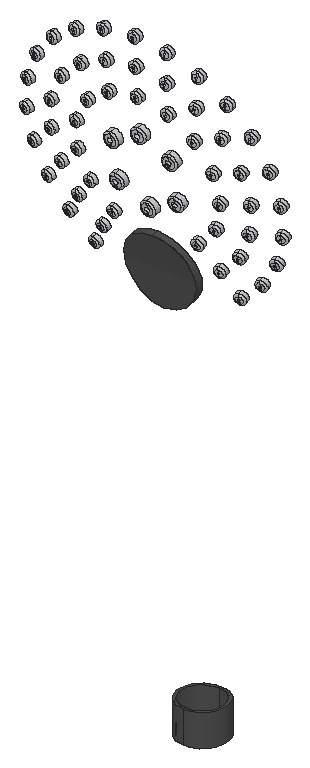
Revit family "Reece_Shower_Mizu_Drift_Shower Handpiece", category Plumbing Fixtures, host Face, Revit 2018
Family settings
  Host = Face
  Round Connector Dimension = Use Diameter
  Part Type = Normal
  Cut with Voids When Loaded = No
  Shared = Yes
  Room Calculation Point = Yes
Parameters (values of type "Matte Black")
  WFU = 0  # constant formula
  URL = "https://www.reece.com.au/product/-9505917"
  Type Comments = "Shower"
  Reece_Shower_Inlet = 15 mm  # constant formula
  Reece_Product_Web Page = "https://www.reece.com.au/product/-9505917"
  Reece_Product_Type = "Shower"  # constant formula
  Reece_Product_Sub Brand = "Drift"  # constant formula
  Reece_Product_Number = "9505917"
  Reece_Product_Mount = "N/A"
  Reece_Product_Description = "Mizu Drift Handpiece Only Matte Black (3 Star)"
  Reece_Product_Brand = "Mizu"  # constant formula
  Reece_Overall_Height = 255 mm  # constant formula
  Reece_Overall_Diameter = 120 mm  # constant formula
  Reece_Material_Secondary = Reece_Plastic_White
  Reece_Material_Main [instance] = Reece_Brass_Matte Black
  Reece_Material_Colour = Reece_Brass_Matte Black
  Reece_Detail_Shape = "Round"  # constant formula
  Reece_Detail_Disclaimer = "THIS FILE IS THE PROPERTY OF THE REECE GROUP. IT MAY NOT BE REPRODUCED, REVERSE-ENGINEERED, OR MODIFIED. ANY REPUBLICATION, TRANSMISSION, OR DISTRIBUTION FOR THE PURPOSE OF COMMERCIALLY EXPLOITING THE FILES IS PROHIBITED."  # constant formula
  Reece_Detail_Additional = "Shower Handpiece"  # constant formula
  Model = "Drift"
  Manufacturer = "Mizu"
  Keynote = "Product #9505917, Reece_Shower_Mizu_Drift_Shower Handpiece - Matte Black"
  HWFU = 0  # constant formula
  Disclaimer = "THIS FILE IS THE PROPERTY OF THE REECE GROUP. IT MAY NOT BE REPRODUCED, REVERSE-ENGINEERED, OR MODIFIED. ANY REPUBLICATION, TRANSMISSION, OR DISTRIBUTION FOR THE PURPOSE OF COMMERCIALLY EXPLOITING THE FILES IS PROHIBITED."  # constant formula
  Description = "Mizu Drift Handpiece Only Matte Black (3 Star)"
  Default Elevation = 0 mm
  CWFU = 0  # constant formula
Types (5, lengths in mm): name | URL | Reece_Product_Web Page | Reece_Product_Number | Reece_Product_Description | Reece_Material_Main | Reece_Material_Colour | Keynote | Description
  Brushed Nickel | "https://www.reece.com.au/product/-9509018" | "https://www.reece.com.au/product/-9509018" | "9509018" | "Mizu Drift Handpiece Only Brushed Nickel (3 Star)" | Reece_Brass_Brushed Nickel | Reece_Brass_Brushed Nickel | "Product #9509018, Reece_Shower_Mizu_Drift_Shower Handpiece - Brushed Nickel" | "Mizu Drift Handpiece Only Brushed Nickel (3 Star)"
  Chrome | "https://www.reece.com.au/product/-9512144" | "https://www.reece.com.au/product/-9512144" | "9512144" | "Mizu Drift Handpiece Only Chrome (3 Star)" | Reece_Brass_Chrome | Reece_Brass_Chrome | "Product #9512144, Reece_Shower_Mizu_Drift_Shower Handpiece - Chrome" | "Mizu Drift Handpiece Only Chrome (3 Star)"
  Matte Black | "https://www.reece.com.au/product/-9505917" | "https://www.reece.com.au/product/-9505917" | "9505917" | "Mizu Drift Handpiece Only Matte Black (3 Star)" | Reece_Brass_Matte Black | Reece_Brass_Matte Black | "Product #9505917, Reece_Shower_Mizu_Drift_Shower Handpiece - Matte Black" | "Mizu Drift Handpiece Only Matte Black (3 Star)"
  Brushed Gunmetal | "https://www.reece.com.au/product/-9512215" | "https://www.reece.com.au/product/-9512215" | "9512215" | "Mizu Drift Handpiece Only Brushed Gunmetal (3 Star)" | Reece_Brass_Brushed Gunmetal | Reece_Brass_Brushed Gunmetal | "Product #9512215, Reece_Shower_Mizu_Drift_Shower Handpiece - Brushed Gunmetal" | "Mizu Drift Handpiece Only Brushed Gunmetal (3 Star)"
  Brushed Brass | "https://www.reece.com.au/product/-4200238" | "https://www.reece.com.au/product/-4200238" | "4200238" | "Mizu Drift Handpiece Only Brushed Brass (3 Star)" | Reece_Brass_Brushed | Reece_Brass_Brushed | "Product #4200238, Reece_Shower_Mizu_Drift_Shower Handpiece - Brushed Brass" | "Mizu Drift Handpiece Only Brushed Brass (3 Star)"
Reference planes
  plane 1 "Center (Front/Back)": y = 0
  plane 2: z = 0
  plane 3 "Center (Left/Right)": x = 0
  plane 4: z = 255
  plane 5: x = -60
  plane 6: x = 60
Forms (mm)
  Revolve 1, solid, material "Reece_Brass_Matte Black" <- "Reece_Material_Main"
    sketch origin (0, 0, 0) x (0, 1, 0) y (0, 0, 1)
      loop
        line (-7.5, 11.616) -> (-8.5, 11.616) -> (-8.5, 0) -> (-7.5, 0) -> (-7.5, 11.616)
      axis (0, 0) -> (0, 11.616)
    angle from 0 to 360
Lines and regions (mm)
  symbolic lines, style "PlumbingFixtures"
    curve 1: line (0, -19.431, 255) -> (0, -30.176, 252.685)
    curve 2: arc (0, 14.966, 137.397) -> (0, 14.959, 152.795) -> (0, 14.541, 168.187) r 577.554
    curve 3: arc (0, 14.541, 168.187) -> (0, 11.325, 194.182) -> (0, 3.089, 219.046) r 133.347
    curve 4: arc (0, 3.089, 219.046) -> (0, -3.855, 232.791) -> (0, -12.127, 245.779) r 155.227
    curve 5: line (0, 14.966, 137.397) -> (0, 14.842, 11.613)
    curve 6: arc (0, -12.127, 245.779) -> (0, -15.656, 250.487) -> (0, -19.431, 255) r 110.528
Text (mm)
  text "Reece Copyright © 2018, Reece Ltd." at (-300.508, -247.823, 0), in view "Ref. Level"
  text "Reece ©" at (272.095, 31.797, 358.34), in view "Reece_Preview"
Dimensions and locks
  "Reece_Overall_Height": plane 4 to host face
  "Reece_Overall_Diameter": plane 5 to plane 6
  aligned and locked: plane 2 to host face
  aligned and locked: level to host face
Automatic sketch dimensions
  host sketch curve to host sketch curve = 407.898 mm
  host sketch curve to host sketch curve = 410.737 mm
  Revolve 1 sketch curve to level = 0 mm
  Revolve 1 sketch curve to plane 1 "Center (Front/Back)" = 0 mm
  plane 1 "Center (Front/Back)" to Revolve 1 sketch curve = 7.5 mm
  Revolve 1 sketch curve to Revolve 1 sketch curve = 1 mm
  Revolve 1 sketch curve to Revolve 1 sketch curve = 11.616 mm
  Revolve 1 sketch curve to level = 11.423 mm
  Revolve 1 sketch curve to Revolve 1 sketch curve = 36.961 mm
  curve 1 to plane 4 = 0 mm
  curve 2 to plane 4 = 110.186 mm
  plane 1 "Center (Front/Back)" to curve 2 = 562.54 mm
  curve 4 to plane 4 = 98.995 mm
  plane 1 "Center (Front/Back)" to curve 4 = 138.76 mm
  curve 4 to curve 3 = 19.995 mm
  curve 3 to curve 6 = 16.471 mm
  plane 1 "Center (Front/Back)" to curve 1 = 19.431 mm
  curve 5 to plane 1 "Center (Front/Back)" = 14.966 mm
  curve 5 to plane 4 = 117.603 mm
  curve 4 to curve 3 = 8.886 mm
  curve 3 to curve 6 = 16.965 mm
  curve 1 to plane 4 = 2.315 mm
  curve 1 to curve 1 = 10.745 mm
  curve 4 to curve 6 = 0 mm
  curve 3 to curve 4 = 0 mm
  curve 5 to plane 1 "Center (Front/Back)" = 14.842 mm
  level to curve 5 = 11.613 mm
Nested families
  nested 1: "Reece_Shower_Nib_Small_White_Nested" at (0.047, -29.828, 240.453) x (1, 0, 0) z (0, -0.9995, -0.0314), Reece_Material_Secondary <- "Reece_Material_Secondary", type "Reece_Shower_Nib_Small_White_Nested", detail levels fine
    with Reece_Material_Secondary Reece_Plastic_White
  nested 2: "Reece_Shower_Nib_Small_White_Nested" at (0.014, -29.356, 230.37) x (1, -0.0001, 0) z (-0.0001, -0.9981, -0.0622), Reece_Material_Secondary <- "Reece_Material_Secondary", type "Reece_Shower_Nib_Small_White_Nested", detail levels fine
    with Reece_Material_Secondary Reece_Plastic_White
  nested 3: "Reece_Shower_Nib_Small_White_Nested" at (-11.457, -29.522, 238.899) x (0.999, -0.0437, -0.0016) z (-0.0438, -0.9984, -0.0362), Reece_Material_Secondary <- "Reece_Material_Secondary", type "Reece_Shower_Nib_Small_White_Nested", detail levels fine
    with Reece_Material_Secondary Reece_Plastic_White
  nested 4: "Reece_Shower_Nib_Small_White_Nested" at (-10.961, -29.009, 228.585) x (0.9991, -0.0417, -0.0028) z (-0.0418, -0.9969, -0.0672), Reece_Material_Secondary <- "Reece_Material_Secondary", type "Reece_Shower_Nib_Small_White_Nested", detail levels fine
    with Reece_Material_Secondary Reece_Plastic_White
  nested 5: "Reece_Shower_Nib_Small_White_Nested" at (-22.227, -28.646, 234.601) x (0.9964, -0.0844, -0.0042) z (-0.0845, -0.9952, -0.0495), Reece_Material_Secondary <- "Reece_Material_Secondary", type "Reece_Shower_Nib_Small_White_Nested", detail levels fine
    with Reece_Material_Secondary Reece_Plastic_White
  nested 6: "Reece_Shower_Nib_Small_White_Nested" at (-20.896, -28.033, 223.651) x (0.9968, -0.0801, -0.0066) z (-0.0804, -0.9934, -0.082), Reece_Material_Secondary <- "Reece_Material_Secondary", type "Reece_Shower_Nib_Small_White_Nested", detail levels fine
    with Reece_Material_Secondary Reece_Plastic_White
  nested 7: "Reece_Shower_Nib_Small_White_Nested" at (-10.667, -28.148, 218.098) x (0.9992, -0.0397, -0.0039) z (-0.0398, -0.9943, -0.0986), Reece_Material_Secondary <- "Reece_Material_Secondary", type "Reece_Shower_Nib_Small_White_Nested", detail levels fine
    with Reece_Material_Secondary Reece_Plastic_White
  nested 8: "Reece_Shower_Nib_Small_White_Nested" at (-31.48, -27.295, 228.138) x (0.9925, -0.1222, -0.0087) z (-0.1226, -0.9899, -0.0708), Reece_Material_Secondary <- "Reece_Material_Secondary", type "Reece_Shower_Nib_Small_White_Nested", detail levels fine
    with Reece_Material_Secondary Reece_Plastic_White
  nested 9: "Reece_Shower_Nib_Small_White_Nested" at (-38.867, -25.492, 219.34) x (0.9878, -0.1547, -0.0157) z (-0.1555, -0.9828, -0.0997), Reece_Material_Secondary <- "Reece_Material_Secondary", type "Reece_Shower_Nib_Small_White_Nested", detail levels fine
    with Reece_Material_Secondary Reece_Plastic_White
  nested 10: "Reece_Shower_Nib_Small_White_Nested" at (-29.059, -26.493, 215.994) x (0.9932, -0.1154, -0.0126) z (-0.1161, -0.9874, -0.1075), Reece_Material_Secondary <- "Reece_Material_Secondary", type "Reece_Shower_Nib_Small_White_Nested", detail levels fine
    with Reece_Material_Secondary Reece_Plastic_White
  nested 11: "Reece_Shower_Nib_Small_White_Nested" at (-19.251, -26.973, 211.851) x (0.9971, -0.0752, -0.009) z (-0.0757, -0.9901, -0.1184), Reece_Material_Secondary <- "Reece_Material_Secondary", type "Reece_Shower_Nib_Small_White_Nested", detail levels fine
    with Reece_Material_Secondary Reece_Plastic_White
  nested 12: "Reece_Shower_Nib_Small_White_Nested" at (-0.009, -28.57, 220.269) x (1, -0.0002, 0) z (-0.0002, -0.9957, -0.093), Reece_Material_Secondary <- "Reece_Material_Secondary", type "Reece_Shower_Nib_Small_White_Nested", detail levels fine
    with Reece_Material_Secondary Reece_Plastic_White
  nested 13: "Reece_Shower_Nib_Small_White_Nested" at (-24.777, -25.207, 202.516) x (0.9949, -0.1001, -0.0153) z (-0.1012, -0.9834, -0.1507), Reece_Material_Secondary <- "Reece_Material_Secondary", type "Reece_Shower_Nib_Small_White_Nested", detail levels fine
    with Reece_Material_Secondary Reece_Plastic_White
  nested 14: "Reece_Shower_Nib_Small_White_Nested" at (-43.776, -23.407, 208.889) x (0.9838, -0.1778, -0.0245) z (-0.1795, -0.9746, -0.1341), Reece_Material_Secondary <- "Reece_Material_Secondary", type "Reece_Shower_Nib_Small_White_Nested", detail levels fine
    with Reece_Material_Secondary Reece_Plastic_White
  nested 15: "Reece_Shower_Nib_Small_White_Nested" at (-46.001, -21.185, 197.607) x (0.9811, -0.1906, -0.0346) z (-0.1937, -0.9652, -0.1755), Reece_Material_Secondary <- "Reece_Material_Secondary", type "Reece_Shower_Nib_Small_White_Nested", detail levels fine
    with Reece_Material_Secondary Reece_Plastic_White
  nested 16: "Reece_Shower_Nib_Small_White_Nested" at (-36.097, -22.465, 194.992) x (0.9885, -0.1486, -0.028) z (-0.1512, -0.9714, -0.183), Reece_Material_Secondary <- "Reece_Material_Secondary", type "Reece_Shower_Nib_Small_White_Nested", detail levels fine
    with Reece_Material_Secondary Reece_Plastic_White
  nested 17: "Reece_Shower_Nib_Small_White_Nested" at (-25.74, -23.306, 192.227) x (0.9942, -0.1055, -0.021) z (-0.1076, -0.9752, -0.1937), Reece_Material_Secondary <- "Reece_Material_Secondary", type "Reece_Shower_Nib_Small_White_Nested", detail levels fine
    with Reece_Material_Secondary Reece_Plastic_White
  nested 18: "Reece_Shower_Nib_Small_White_Nested" at (-22.673, -21.404, 182.122) x (0.9955, -0.0926, -0.022) z (-0.0951, -0.9686, -0.2298), Reece_Material_Secondary <- "Reece_Material_Secondary", type "Reece_Shower_Nib_Small_White_Nested", detail levels fine
    with Reece_Material_Secondary Reece_Plastic_White
  nested 19: "Reece_Shower_Nib_Small_White_Nested" at (-34.036, -20.45, 183.982) x (0.9898, -0.139, -0.0324) z (-0.1427, -0.9639, -0.2246), Reece_Material_Secondary <- "Reece_Material_Secondary", type "Reece_Shower_Nib_Small_White_Nested", detail levels fine
    with Reece_Material_Secondary Reece_Plastic_White
  nested 20: "Reece_Shower_Nib_Small_White_Nested" at (-44.97, -19.067, 186.243) x (0.9814, -0.1872, -0.0425) z (-0.192, -0.957, -0.2173), Reece_Material_Secondary <- "Reece_Material_Secondary", type "Reece_Shower_Nib_Small_White_Nested", detail levels fine
    with Reece_Material_Secondary Reece_Plastic_White
  nested 21: "Reece_Shower_Nib_Small_White_Nested" at (-41.378, -17.118, 175.502) x (0.9841, -0.1718, -0.0454) z (-0.1777, -0.9514, -0.2514), Reece_Material_Secondary <- "Reece_Material_Secondary", type "Reece_Shower_Nib_Small_White_Nested", detail levels fine
    with Reece_Material_Secondary Reece_Plastic_White
  nested 22: "Reece_Shower_Nib_Small_White_Nested" at (-29.136, -18.673, 174.096) x (0.9923, -0.1201, -0.0314) z (-0.1241, -0.96, -0.2508), Reece_Material_Secondary <- "Reece_Material_Secondary", type "Reece_Shower_Nib_Small_White_Nested", detail levels fine
    with Reece_Material_Secondary Reece_Plastic_White
  nested 23: "Reece_Shower_Nib_Small_White_Nested" at (-15.261, -20.125, 174.21) x (0.997, -0.0751, -0.0186) z (-0.0773, -0.9678, -0.2397), Reece_Material_Secondary <- "Reece_Material_Secondary", type "Reece_Shower_Nib_Small_White_Nested", detail levels fine
    with Reece_Material_Secondary Reece_Plastic_White
  nested 24: "Reece_Shower_Nib_Small_White_Nested" at (-34.784, -15.561, 165.766) x (0.9882, -0.1474, -0.0427) z (-0.1534, -0.9491, -0.275), Reece_Material_Secondary <- "Reece_Material_Secondary", type "Reece_Shower_Nib_Small_White_Nested", detail levels fine
    with Reece_Material_Secondary Reece_Plastic_White
  nested 25: "Reece_Shower_Nib_Small_White_Nested" at (-21.264, -17.515, 166.328) x (0.9947, -0.0991, -0.0271) z (-0.1028, -0.9595, -0.2623), Reece_Material_Secondary <- "Reece_Material_Secondary", type "Reece_Shower_Nib_Small_White_Nested", detail levels fine
    with Reece_Material_Secondary Reece_Plastic_White
  nested 26: "Reece_Shower_Nib_Small_White_Nested" at (-26.304, -14.522, 158.05) x (0.9918, -0.1223, -0.0371) z (-0.1278, -0.9491, -0.2878), Reece_Material_Secondary <- "Reece_Material_Secondary", type "Reece_Shower_Nib_Small_White_Nested", detail levels fine
    with Reece_Material_Secondary Reece_Plastic_White
  nested 27: "Reece_Shower_Nib_Big_White_Nested" at (0.001, -27.136, 207.583) x (1, -0.0001, 0) z (-0.0001, -0.9913, -0.1317), Reece_Material_Secondary <- "Reece_Material_Secondary", type "Reece_Shower_Nib_Big_White_Nested", detail levels fine
    with Reece_Material_Secondary Reece_Plastic_White
  nested 28: "Reece_Shower_Nib_Big_White_Nested" at (-10.533, -26.172, 202.161) x (0.9992, -0.0392, -0.0059) z (-0.0396, -0.988, -0.1491), Reece_Material_Secondary <- "Reece_Material_Secondary", type "Reece_Shower_Nib_Big_White_Nested", detail levels fine
    with Reece_Material_Secondary Reece_Plastic_White
  nested 29: "Reece_Shower_Nib_Big_White_Nested" at (-10.619, -23.536, 187.593) x (0.9989, -0.0468, -0.01) z (-0.0478, -0.9767, -0.2093), Reece_Material_Secondary <- "Reece_Material_Secondary", type "Reece_Shower_Nib_Big_White_Nested", detail levels fine
    with Reece_Material_Secondary Reece_Plastic_White
  nested 30: "Reece_Shower_Nib_Big_White_Nested" at (-0.022, -22.702, 182.004) x (1, -0.0008, -0.0002) z (-0.0008, -0.9778, -0.2097), Reece_Material_Secondary <- "Reece_Material_Secondary", type "Reece_Shower_Nib_Big_White_Nested", detail levels fine
    with Reece_Material_Secondary Reece_Plastic_White
  nested 31: "Reece_Shower_Nib_Small_White_Nested" at (-34.35, -24.717, 205.754) x (0.9949, -0.1001, -0.0153) z (-0.1012, -0.9834, -0.1507), Reece_Material_Secondary <- "Reece_Material_Secondary", type "Reece_Shower_Nib_Small_White_Nested", detail levels fine
    with Reece_Material_Secondary Reece_Plastic_White
  nested 32: "Reece_Shower_Nib_Small_White_Nested" at (11.457, -29.522, 238.899) x (-0.999, -0.0437, -0.0016) z (0.0438, -0.9984, -0.0362), Reece_Material_Secondary <- "Reece_Material_Secondary", type "Reece_Shower_Nib_Small_White_Nested", detail levels fine
    with Reece_Material_Secondary Reece_Plastic_White
  nested 33: "Reece_Shower_Nib_Small_White_Nested" at (10.961, -29.009, 228.585) x (-0.9991, -0.0417, -0.0028) z (0.0418, -0.9969, -0.0672), Reece_Material_Secondary <- "Reece_Material_Secondary", type "Reece_Shower_Nib_Small_White_Nested", detail levels fine
    with Reece_Material_Secondary Reece_Plastic_White
  nested 34: "Reece_Shower_Nib_Small_White_Nested" at (22.227, -28.646, 234.601) x (-0.9964, -0.0844, -0.0042) z (0.0845, -0.9952, -0.0495), Reece_Material_Secondary <- "Reece_Material_Secondary", type "Reece_Shower_Nib_Small_White_Nested", detail levels fine
    with Reece_Material_Secondary Reece_Plastic_White
  nested 35: "Reece_Shower_Nib_Small_White_Nested" at (20.896, -28.033, 223.651) x (-0.9968, -0.0801, -0.0066) z (0.0804, -0.9934, -0.082), Reece_Material_Secondary <- "Reece_Material_Secondary", type "Reece_Shower_Nib_Small_White_Nested", detail levels fine
    with Reece_Material_Secondary Reece_Plastic_White
  nested 36: "Reece_Shower_Nib_Small_White_Nested" at (10.667, -28.148, 218.098) x (-0.9992, -0.0397, -0.0039) z (0.0398, -0.9943, -0.0986), Reece_Material_Secondary <- "Reece_Material_Secondary", type "Reece_Shower_Nib_Small_White_Nested", detail levels fine
    with Reece_Material_Secondary Reece_Plastic_White
  nested 37: "Reece_Shower_Nib_Small_White_Nested" at (31.48, -27.295, 228.138) x (-0.9925, -0.1222, -0.0087) z (0.1226, -0.9899, -0.0708), Reece_Material_Secondary <- "Reece_Material_Secondary", type "Reece_Shower_Nib_Small_White_Nested", detail levels fine
    with Reece_Material_Secondary Reece_Plastic_White
  nested 38: "Reece_Shower_Nib_Small_White_Nested" at (38.867, -25.492, 219.34) x (-0.9878, -0.1547, -0.0157) z (0.1555, -0.9828, -0.0997), Reece_Material_Secondary <- "Reece_Material_Secondary", type "Reece_Shower_Nib_Small_White_Nested", detail levels fine
    with Reece_Material_Secondary Reece_Plastic_White
  nested 39: "Reece_Shower_Nib_Small_White_Nested" at (19.251, -26.973, 211.851) x (-0.9971, -0.0752, -0.009) z (0.0757, -0.9901, -0.1184), Reece_Material_Secondary <- "Reece_Material_Secondary", type "Reece_Shower_Nib_Small_White_Nested", detail levels fine
    with Reece_Material_Secondary Reece_Plastic_White
  nested 40: "Reece_Shower_Nib_Small_White_Nested" at (29.059, -26.493, 215.994) x (-0.9932, -0.1154, -0.0126) z (0.1161, -0.9874, -0.1075), Reece_Material_Secondary <- "Reece_Material_Secondary", type "Reece_Shower_Nib_Small_White_Nested", detail levels fine
    with Reece_Material_Secondary Reece_Plastic_White
  nested 41: "Reece_Shower_Nib_Small_White_Nested" at (24.777, -25.207, 202.516) x (-0.9949, -0.1001, -0.0153) z (0.1012, -0.9834, -0.1507), Reece_Material_Secondary <- "Reece_Material_Secondary", type "Reece_Shower_Nib_Small_White_Nested", detail levels fine
    with Reece_Material_Secondary Reece_Plastic_White
  nested 42: "Reece_Shower_Nib_Small_White_Nested" at (43.776, -23.407, 208.889) x (-0.9838, -0.1778, -0.0245) z (0.1795, -0.9746, -0.1341), Reece_Material_Secondary <- "Reece_Material_Secondary", type "Reece_Shower_Nib_Small_White_Nested", detail levels fine
    with Reece_Material_Secondary Reece_Plastic_White
  nested 43: "Reece_Shower_Nib_Small_White_Nested" at (46.001, -21.185, 197.607) x (-0.9811, -0.1906, -0.0346) z (0.1937, -0.9652, -0.1755), Reece_Material_Secondary <- "Reece_Material_Secondary", type "Reece_Shower_Nib_Small_White_Nested", detail levels fine
    with Reece_Material_Secondary Reece_Plastic_White
  nested 44: "Reece_Shower_Nib_Small_White_Nested" at (36.097, -22.465, 194.992) x (-0.9885, -0.1486, -0.028) z (0.1512, -0.9714, -0.183), Reece_Material_Secondary <- "Reece_Material_Secondary", type "Reece_Shower_Nib_Small_White_Nested", detail levels fine
    with Reece_Material_Secondary Reece_Plastic_White
  nested 45: "Reece_Shower_Nib_Small_White_Nested" at (25.74, -23.306, 192.227) x (-0.9942, -0.1055, -0.021) z (0.1076, -0.9752, -0.1937), Reece_Material_Secondary <- "Reece_Material_Secondary", type "Reece_Shower_Nib_Small_White_Nested", detail levels fine
    with Reece_Material_Secondary Reece_Plastic_White
  nested 46: "Reece_Shower_Nib_Small_White_Nested" at (22.673, -21.404, 182.122) x (-0.9955, -0.0926, -0.022) z (0.0951, -0.9686, -0.2298), Reece_Material_Secondary <- "Reece_Material_Secondary", type "Reece_Shower_Nib_Small_White_Nested", detail levels fine
    with Reece_Material_Secondary Reece_Plastic_White
  nested 47: "Reece_Shower_Nib_Small_White_Nested" at (34.036, -20.45, 183.982) x (-0.9898, -0.139, -0.0324) z (0.1427, -0.9639, -0.2246), Reece_Material_Secondary <- "Reece_Material_Secondary", type "Reece_Shower_Nib_Small_White_Nested", detail levels fine
    with Reece_Material_Secondary Reece_Plastic_White
  nested 48: "Reece_Shower_Nib_Small_White_Nested" at (44.97, -19.067, 186.243) x (-0.9814, -0.1872, -0.0425) z (0.192, -0.957, -0.2173), Reece_Material_Secondary <- "Reece_Material_Secondary", type "Reece_Shower_Nib_Small_White_Nested", detail levels fine
    with Reece_Material_Secondary Reece_Plastic_White
  nested 49: "Reece_Shower_Nib_Small_White_Nested" at (41.378, -17.118, 175.502) x (-0.9841, -0.1718, -0.0454) z (0.1777, -0.9514, -0.2514), Reece_Material_Secondary <- "Reece_Material_Secondary", type "Reece_Shower_Nib_Small_White_Nested", detail levels fine
    with Reece_Material_Secondary Reece_Plastic_White
  nested 50: "Reece_Shower_Nib_Small_White_Nested" at (29.136, -18.673, 174.096) x (-0.9923, -0.1201, -0.0314) z (0.1241, -0.96, -0.2508), Reece_Material_Secondary <- "Reece_Material_Secondary", type "Reece_Shower_Nib_Small_White_Nested", detail levels fine
    with Reece_Material_Secondary Reece_Plastic_White
  nested 51: "Reece_Shower_Nib_Small_White_Nested" at (15.261, -20.125, 174.21) x (-0.997, -0.0751, -0.0186) z (0.0773, -0.9678, -0.2397), Reece_Material_Secondary <- "Reece_Material_Secondary", type "Reece_Shower_Nib_Small_White_Nested", detail levels fine
    with Reece_Material_Secondary Reece_Plastic_White
  nested 52: "Reece_Shower_Nib_Small_White_Nested" at (34.784, -15.561, 165.766) x (-0.9882, -0.1474, -0.0427) z (0.1534, -0.9491, -0.275), Reece_Material_Secondary <- "Reece_Material_Secondary", type "Reece_Shower_Nib_Small_White_Nested", detail levels fine
    with Reece_Material_Secondary Reece_Plastic_White
  nested 53: "Reece_Shower_Nib_Small_White_Nested" at (21.264, -17.515, 166.328) x (-0.9947, -0.0991, -0.0271) z (0.1028, -0.9595, -0.2623), Reece_Material_Secondary <- "Reece_Material_Secondary", type "Reece_Shower_Nib_Small_White_Nested", detail levels fine
    with Reece_Material_Secondary Reece_Plastic_White
  nested 54: "Reece_Shower_Nib_Small_White_Nested" at (26.304, -14.522, 158.05) x (-0.9918, -0.1223, -0.0371) z (0.1278, -0.9491, -0.2878), Reece_Material_Secondary <- "Reece_Material_Secondary", type "Reece_Shower_Nib_Small_White_Nested", detail levels fine
    with Reece_Material_Secondary Reece_Plastic_White
  nested 55: "Reece_Shower_Nib_Small_White_Nested" at (34.158, -24.539, 205.696) x (0.9902, 0.1381, 0.02) z (0.1396, -0.98, -0.1418), Reece_Material_Secondary <- "Reece_Material_Secondary", type "Reece_Shower_Nib_Small_White_Nested", detail levels fine
    with Reece_Material_Secondary Reece_Plastic_White
  nested 56: "Reece_Shower_Nib_Big_White_Nested" at (10.533, -26.172, 202.161) x (-0.9992, -0.0392, -0.0059) z (0.0396, -0.988, -0.1491), Reece_Material_Secondary <- "Reece_Material_Secondary", type "Reece_Shower_Nib_Big_White_Nested", detail levels fine
    with Reece_Material_Secondary Reece_Plastic_White
  nested 57: "Reece_Shower_Nib_Big_White_Nested" at (10.619, -23.536, 187.593) x (-0.9989, -0.0468, -0.01) z (0.0478, -0.9767, -0.2093), Reece_Material_Secondary <- "Reece_Material_Secondary", type "Reece_Shower_Nib_Big_White_Nested", detail levels fine
    with Reece_Material_Secondary Reece_Plastic_White
  nested 58: "Reece_Shower_Nib_Circle_Nested" at (-0.035, -16.746, 159.897) x (1, -0.0006, -0.0002) z (-0.0006, -0.961, -0.2766), Reece_Material_Main <- "Reece_Material_Main", type "Reece_Shower_Nib_Circle_Nested"
    with Reece_Material_Main Reece_Brass_Matte Black
Connectors
  piping at (0, 0, 0), diameter 15, driven by "Reece_Shower_Inlet"
    settings: on Revolve 1, index 1, connector inside diameter 609.6 mm, connector length 0 mm, flow factor 0, pipe flow 0.0 L/s, pressure drop 0.0 Pa, fitting loss kfactor 0, connector angle 0.00°, fixture units 0, engagement length 0 mm, angle of deflection 0.00°, flow configuration 0, flow direction 1, fitting loss method 0, system type 29, joint type 0, gender type 0, connector reference index -1, connector utility 0, adjustable connector no, is connector primary yes, connector description ""
Definition of nested family "Reece_Shower_Nib_Small_White_Nested"
  Parameters (values of type "Reece_Shower_Nib_Small_White_Nested")
    Reece_Material_Secondary [instance] = none
    Default Elevation = 0 mm
  Reference planes
    plane 1 "Center (Front/Back)": y = 0
    plane 2: z = 0
    plane 3 "Center (Left/Right)": x = 0
  Forms (mm)
    Extrusion 1, solid
      sketch origin (0, 0, 0) x (1, 0, 0) y (0, 1, 0)
        loop
          line (-9.945, 8.653) -> (-9.945, -8.495) -> (9.512, -8.495) -> (9.512, 8.653) -> (-9.945, 8.653)
      from 0 to -2
    Revolve 2, solid, material <- "Reece_Material_Secondary", detail levels fine
      sketch origin (0, -226.111, 0) x (0, 1, 0) y (0, 0, 1)
        loop
          line (228.111, 0) -> (228.111, 1.5)
          arc (228.111, 1.5) -> (227.965, 1.854) -> (227.611, 2) r 0.5
          line (227.611, 2) -> (226.611, 2) -> (226.611, 0) -> (228.111, 0)
        axis (226.111, 0) -> (226.111, 2)
      angle from 0 to 360
  Text (mm)
    text "Reece ©" at (671.782, -497.484, 486.721), in view "Reece_Preview"
  Dimensions and locks
    aligned and locked: plane 2 to Extrusion 1
    aligned and locked: level to Extrusion 1
Definition of nested family "Reece_Shower_Nib_Big_White_Nested"
  Parameters (values of type "Reece_Shower_Nib_Big_White_Nested")
    Reece_Material_Secondary [instance] = none
    Default Elevation = 0 mm
  Reference planes
    plane 1 "Center (Front/Back)": y = 0
    plane 2: z = 0
    plane 3 "Center (Left/Right)": x = 0
  Forms (mm)
    Extrusion 1, solid
      sketch origin (0, 0, 0) x (1, 0, 0) y (0, 1, 0)
        loop
          line (-9.945, 8.653) -> (-9.945, -8.495) -> (9.512, -8.495) -> (9.512, 8.653) -> (-9.945, 8.653)
      from 0 to -2
    Revolve 2, solid, material <- "Reece_Material_Secondary", detail levels fine
      sketch origin (0, -226.111, 0) x (0, 1, 0) y (0, 0, 1)
        loop
          line (227.111, 2.453) -> (227.111, 0) -> (228.811, 0) -> (228.811, 1.953)
          arc (228.811, 1.953) -> (228.665, 2.307) -> (228.311, 2.453) r 0.5
          line (228.311, 2.453) -> (227.111, 2.453)
        axis (226.111, 0) -> (226.111, 2.453)
      angle from 0 to 360
  Text (mm)
    text "Reece ©" at (674.707, -492.497, 487.989), in view "Reece_Preview"
  Dimensions and locks
    aligned and locked: plane 2 to Extrusion 1
    aligned and locked: level to Extrusion 1
Definition of nested family "Reece_Shower_Nib_Circle_Nested"
  Parameters (values of type "Reece_Shower_Nib_Circle_Nested")
    Reece_Material_Main [instance] = none
    Default Elevation = 0 mm
  Reference planes
    plane 1 "Center (Front/Back)": y = 0
    plane 2: z = 0
    plane 3 "Center (Left/Right)": x = 0
  Forms (mm)
    Extrusion 1, solid
      sketch origin (0, 0, 0) x (1, 0, 0) y (0, 1, 0)
        loop
          line (-21.52, 20) -> (-21.52, -19.502) -> (20.947, -19.502) -> (20.947, 20) -> (-21.52, 20)
      from 0 to -2
    Revolve 2, solid, material <- "Reece_Material_Main"
      sketch origin (0, -226.111, 0) x (0, 1, 0) y (0, 0, 1)
        loop
          line (226.111, 6) -> (226.111, 0) -> (239.111, 0) -> (239.111, 6) -> (226.111, 6)
        axis (226.111, 0) -> (226.111, 6)
      angle from 0 to 360
    Extrusion 3, void
      sketch origin (0, 0, 0) x (0, 1, 0) y (0, 0, 1)
        loop
          line (13.507, 2.054) -> (13.507, 8.104) -> (-16.259, 8.104) -> (-16.259, 5.088)
          arc (-16.259, 5.088) -> (-1.476, 2.588) -> (13.507, 2.054) r 113.758
      from -14.088 to 17.744
  Cuts and joins
    Extrusion 3 cuts Revolve 2
  Text (mm)
    text "Reece ©" at (563.97, -536.423, 566.024), in view "Reece_Preview"
  Dimensions and locks
    aligned and locked: plane 2 to Extrusion 1
    aligned and locked: level to Extrusion 1
